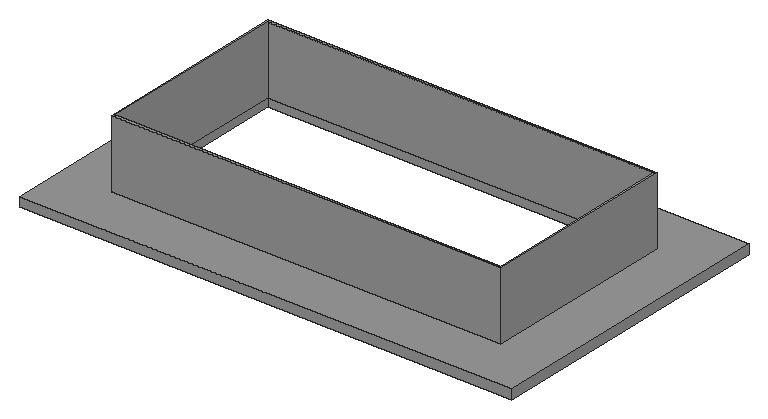
Revit family "Air Terminal_11", category Air Terminals, Revit 2018
Family settings
  Round Connector Dimension = Use Diameter
  Part Type = Normal
  Work Plane-Based = No
  Always vertical = Yes
  Cut with Voids When Loaded = No
  Shared = No
  Room Calculation Point = Yes
Parameters (values of type "PTR - TLAK")
  Udaljenost Skice = Duct Height / 2 / 3  # 16.667 mm
  TP_Visina prikljucka = 125 mm
  TP_Sirina prikljucka = 225 mm
  TP_Efektivna povrsina = 1.00 m²
  Sirina lopatice = 1 mm
  Panel Thickness = 5 mm  # constant formula
  Model = ""
  Manufacturer = ""
  Length 1 = 12.5 mm
  Keynote = ""
  Grille Material [instance] = Aluminum 6061
  Duct Width = TP_Sirina prikljucka - 25 mm  # 200 mm
  Duct Height = TP_Visina prikljucka - 25 mm  # 100 mm
  Duct Diameter = 250 mm
  Grille Width = Duct Height + 52 mm  # 152 mm
  Grille Length = Duct Width + 52 mm  # 252 mm
  Grille Height = 40 mm
  Diffuser Width = 0 mm
  Description = ""
  Cost = 1
  Broj resetki = Duct Height / Length 1 - 1  # 7
Reference planes
  plane 1 "Center (Front/Back)": y = 0
  plane 2: z = 0
  plane 3 "Center (Left/Right)": x = 0
  plane 4: z = 35
  plane 5: z = -5
  plane 6: x = -100
  plane 7: x = 100
  plane 8: y = 50
  plane 9: y = -50
  plane 10: z = 152.4
  plane 11: x = 126
  plane 12: x = -126
  plane 13: y = 76
  plane 14: y = -76
  plane 15: z = 4.862
  plane 16: y = -37.5
  plane 17: y = -25
Forms (mm)
  Extrusion 1, solid, material "Aluminum 6061" <- "Grille Material", detail levels medium+fine
    sketch origin (100, -4572, 2609.058) x (0, 0, 1) y (0, -1, 0)
      loop
        line (-2574.058, -4622) -> (-2574.058, -4522) -> (-2609.058, -4522) -> (-2609.058, -4622) -> (-2574.058, -4622)
    from -200 to 0
  Extrusion 2, solid, material "Aluminum 6061" <- "Grille Material", detail levels medium+fine
    sketch origin (100, -4572, 2609.058) x (0, 0, 1) y (0, -1, 0)
      loop
        line (-2609.058, -4648) -> (-2609.058, -4496) -> (-2614.058, -4496) -> (-2614.058, -4648) -> (-2609.058, -4648)
    from -226 to 26
  Extrusion 3, void
    sketch origin (0, 0, 0) x (1, 0, 0) y (0, 1, 0)
      loop
        line (-100, 50) -> (-100, -50) -> (100, -50) -> (100, 50) -> (-100, 50)
    from 0 to -5
  Extrusion 4, void
    sketch origin (0, 0, 0) x (1, 0, 0) y (0, 1, 0)
      loop
        line (-99, -49) -> (99, -49) -> (99, 49) -> (-99, 49) -> (-99, -49)
    from 0 to 40 <- "Grille Height"
Cuts and joins
  Extrusion 3, Extrusion 4 cuts Extrusion 1
  Extrusion 3, Extrusion 4 cuts Extrusion 2
  joined: Extrusion 1, Extrusion 2
Lines and regions (mm)
  model lines, detail levels coarse
    curve 1: line (-100, 50, -5) -> (100, 50, -5)
    curve 2: line (-100, -50, -5) -> (-100, 50, -5)
    curve 3: line (100, -50, -5) -> (-100, -50, -5)
    curve 4: line (100, 50, -5) -> (100, -50, -5)
  model lines, style "Pomocne linije", not visible
    curve 5: line (-100, 33.333, -5) -> (100, 33.333, -5)
    curve 6: line (100, 16.667, -5) -> (-100, 16.667, -5)
    curve 7: line (-100, -16.667, -5) -> (100, -16.667, -5)
    curve 8: line (100, -33.333, -5) -> (-100, -33.333, -5)
    curve 9: line (-100, 0, -5) -> (100, 0, -5)
Dimensions and locks
  equal spacing: plane 8, plane 1 "Center (Front/Back)", plane 9
  "Duct Height": plane 8 to plane 9
  equal spacing: plane 6, plane 3 "Center (Left/Right)", plane 7
  "Duct Width": plane 6 to plane 7
  equal spacing: plane 13, plane 1 "Center (Front/Back)", plane 14
  "Grille Width": plane 13 to plane 14
  "Panel Thickness": plane 2 to plane 5
  "Grille Height": plane 4 to plane 5
  plane 10 to plane 2 = 152.4 mm
  equal spacing: plane 12, plane 3 "Center (Left/Right)", plane 11
  "Grille Length": plane 12 to plane 11
  "Length 1": plane 16 to plane 9
  "Length 1": plane 17 to plane 16
  "Udaljenost Skice": plane 1 "Center (Front/Back)" to curve 6
  "Udaljenost Skice": curve 5 to curve 6
  "Udaljenost Skice": curve 7 to plane 1 "Center (Front/Back)"
  "Udaljenost Skice": curve 8 to curve 7
  aligned and locked: plane 2 to level
  aligned and locked: Extrusion 1 to plane 6
  aligned and locked: plane 7 to Extrusion 1
  aligned and locked: plane 8 to Extrusion 1 sketch curve
  aligned and locked: Extrusion 1 sketch curve to plane 4
  aligned and locked: Extrusion 1 sketch curve to plane 9
  aligned and locked: Extrusion 1 sketch curve to plane 2
  aligned and locked: Extrusion 2 sketch curve to plane 2
  aligned and locked: Extrusion 2 sketch curve to plane 13
  aligned and locked: Extrusion 2 sketch curve to plane 14
  aligned and locked: plane 5 to Extrusion 2 sketch curve
  aligned and locked: Extrusion 2 to plane 12
  aligned and locked: plane 11 to Extrusion 2
  aligned and locked: curve 1 to plane 8
  aligned and locked: curve 3 to plane 9
  aligned and locked: plane 1 "Center (Front/Back)" to curve 9
Automatic sketch dimensions
  Extrusion 3 sketch curve to plane 6 = 0 mm
  Extrusion 3 sketch curve to plane 7 = 0 mm
  plane 9 to Extrusion 3 sketch curve = 0 mm
  Extrusion 3 sketch curve to plane 8 = 0 mm
  plane 6 to Extrusion 4 sketch curve = 1 mm
  Extrusion 4 sketch curve to plane 7 = 1 mm
  Extrusion 4 sketch curve to plane 9 = 1 mm
  Extrusion 4 sketch curve to plane 8 = 1 mm
  curve 5 to plane 7 = 0 mm
  curve 5 to plane 6 = 0 mm
Connectors
  hvac at (0, 0, 0), driven by "TP_Sirina prikljucka", driven by "TP_Visina prikljucka"
    settings: on cut or joined group of Extrusion 1, Extrusion 2, Extrusion 3, Extrusion 4, index 1, duct flow 0.0 m³/h, flow factor 0, pres drop 5.0 Pa, loss coef 0, conn angle 0.00°, conn width 225 mm, conn height 125 mm, conn diameter 609.6 mm, duct sys type 1, conn prof type 1, flow config 1, flow direction 1, loss method 4, conn ref index -1, conn util no, is conn primary yes, conn desc ""
